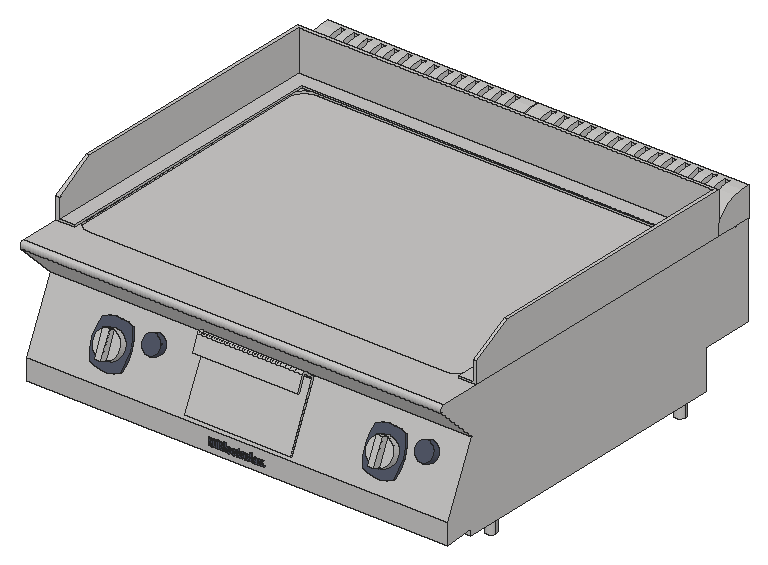
Revit family "QF_ELECTROLUXPROFESSIONAL_Professional_371335_E7IIMAAOMEA", category Specialty Equipment, Revit 2018 (continued)
Automatic sketch dimensions
  Extrusion 19 sketch curve to Extrusion 19 sketch curve = 0.613 mm
  Extrusion 19 sketch curve to Extrusion 19 sketch curve = 0.361 mm
  Extrusion 19 sketch curve to Extrusion 19 sketch curve = 0.897 mm
  Extrusion 19 sketch curve to Extrusion 19 sketch curve = 0.167 mm
  Extrusion 19 sketch curve to Extrusion 19 sketch curve = 0.292 mm
  Extrusion 19 sketch curve to Extrusion 19 sketch curve = 0.305 mm
  Extrusion 19 sketch curve to Extrusion 19 sketch curve = 1.557 mm
  Extrusion 19 sketch curve to Extrusion 19 sketch curve = 2.499 mm
  Extrusion 19 sketch curve to Extrusion 19 sketch curve = 3.062 mm
  Extrusion 19 sketch curve to Extrusion 19 sketch curve = 2.968 mm
  Extrusion 19 sketch curve to Extrusion 19 sketch curve = 5.044 mm
  Extrusion 19 sketch curve to Extrusion 19 sketch curve = 0.629 mm  (x2)
  Extrusion 19 sketch curve to Extrusion 19 sketch curve = 1.131 mm
  Extrusion 19 sketch curve to Extrusion 19 sketch curve = 0.137 mm
  Extrusion 19 sketch curve to Extrusion 19 sketch curve = 0.027 mm
  Extrusion 19 sketch curve to Extrusion 19 sketch curve = 2.235 mm
  Extrusion 10 sketch curve to Extrusion 10 sketch curve = 0 mm  (x2)
  plane 5 "FRONT" to Extrusion 10 sketch curve = 52.387 mm
  Extrusion 10 sketch curve to Extrusion 10 sketch curve = 2.884 mm  (x3)
  plane 5 "FRONT" to Extrusion 10 sketch curve = 34.985 mm
  plane 5 "FRONT" to Extrusion 10 sketch curve = 22.323 mm
  Extrusion 10 sketch curve to Extrusion 10 sketch curve = 0.82 mm
  Extrusion 10 sketch curve to Extrusion 10 sketch curve = 1.711 mm
  Extrusion 10 sketch curve to Extrusion 10 sketch curve = 1.332 mm
  plane 5 "FRONT" to Extrusion 10 sketch curve = 1.554 mm
  Extrusion 10 sketch curve to plane 5 "FRONT" = 19.661 mm
  Extrusion 10 sketch curve to plane 5 "FRONT" = 51.436 mm
  Extrusion 10 sketch curve to Extrusion 10 sketch curve = 0.891 mm
  Extrusion 10 sketch curve to Extrusion 10 sketch curve = 2.686 mm
  Extrusion 10 sketch curve to Extrusion 10 sketch curve = 16.406 mm
  plane 9 "BASE" to Extrusion 10 sketch curve = 52.105 mm
  Extrusion 10 sketch curve to Extrusion 10 sketch curve = 1.327 mm  (x2)
  Extrusion 10 sketch curve to Extrusion 10 sketch curve = 13.211 mm
  Extrusion 10 sketch curve to Extrusion 10 sketch curve = 0.681 mm
  Extrusion 10 sketch curve to Extrusion 10 sketch curve = 0.787 mm
  Extrusion 10 sketch curve to Extrusion 10 sketch curve = 4.979 mm
  plane 3 "LEFT" to curve 15 = 64.136 mm
  curve 13 to curve 7 = 35.035 mm
  plane 1 "BACK" to curve 84 = 0 mm
  curve 84 to plane 7 "Center Y" = 0 mm
  curve 70 to plane 7 "Center Y" = 106.168 mm
  plane 1 "BACK" to curve 68 = 6.761 mm
  curve 69 to curve 70 = 9.296 mm
  plane 1 "BACK" to curve 64 = 6.761 mm
  curve 64 to curve 68 = 16.193 mm
  curve 66 to curve 66 = 9.296 mm
  curve 62 to curve 65 = 16.193 mm
  curve 61 to curve 60 = 9.296 mm
  plane 1 "BACK" to curve 56 = 6.761 mm
  curve 56 to curve 60 = 16.193 mm
  curve 56 to curve 56 = 9.296 mm
  curve 55 to curve 57 = 16.193 mm
  curve 53 to curve 52 = 9.296 mm
  curve 51 to curve 52 = 16.193 mm
  curve 50 to curve 50 = 9.296 mm
  plane 1 "BACK" to curve 44 = 6.761 mm
  curve 44 to curve 48 = 16.193 mm
  curve 45 to curve 46 = 9.296 mm
  curve 42 to curve 45 = 16.193 mm
  curve 42 to curve 42 = 9.296 mm
  plane 1 "BACK" to curve 36 = 6.761 mm
  curve 38 to curve 41 = 16.193 mm
  curve 37 to curve 38 = 9.296 mm
  plane 1 "BACK" to curve 35 = 6.761 mm
  curve 35 to curve 36 = 16.193 mm
  curve 34 to curve 34 = 9.296 mm
  plane 1 "BACK" to curve 28 = 6.761 mm
  curve 28 to curve 32 = 16.193 mm
  curve 28 to curve 28 = 9.296 mm
  curve 70 to curve 74 = 16.193 mm
  curve 72 to curve 75 = 9.296 mm
  plane 1 "BACK" to curve 76 = 6.761 mm
  curve 74 to curve 78 = 16.193 mm
  curve 77 to curve 79 = 9.296 mm
  curve 78 to curve 81 = 16.193 mm
  curve 80 to curve 83 = 9.296 mm
  plane 1 "BACK" to curve 137 = 6.761 mm
  plane 7 "Center Y" to curve 137 = 29.703 mm
  curve 137 to curve 137 = 9.296 mm
  curve 138 to curve 135 = 16.193 mm
  curve 133 to curve 133 = 9.296 mm
  plane 1 "BACK" to curve 129 = 6.761 mm
  curve 133 to curve 129 = 16.193 mm
  curve 129 to curve 129 = 9.296 mm
  curve 130 to curve 128 = 16.193 mm
  curve 125 to curve 126 = 9.296 mm
  curve 126 to curve 124 = 16.193 mm
  curve 121 to curve 122 = 9.296 mm
  curve 122 to curve 119 = 16.193 mm
  curve 117 to curve 118 = 9.296 mm
  curve 118 to curve 115 = 16.193 mm
  plane 1 "BACK" to curve 113 = 6.761 mm
  curve 113 to curve 114 = 9.296 mm
  plane 1 "BACK" to curve 109 = 6.761 mm
  curve 114 to curve 111 = 16.193 mm
  curve 109 to curve 110 = 9.296 mm
  curve 110 to curve 108 = 16.193 mm
  curve 105 to curve 106 = 9.296 mm
  curve 106 to curve 103 = 16.193 mm
  curve 101 to curve 102 = 9.296 mm
  plane 1 "BACK" to curve 97 = 6.761 mm
  curve 101 to curve 97 = 16.193 mm
  curve 97 to curve 98 = 9.296 mm
  plane 1 "BACK" to curve 96 = 6.761 mm
  curve 97 to curve 96 = 16.193 mm
  curve 95 to curve 94 = 9.296 mm
  plane 1 "BACK" to curve 92 = 6.761 mm
  curve 93 to curve 92 = 16.193 mm
  curve 89 to curve 90 = 9.296 mm
  curve 90 to curve 88 = 16.193 mm
  curve 87 to curve 87 = 9.296 mm
  curve 84 to curve 137 = 63.089 mm
  curve 84 to curve 139 = 5.939 mm
  curve 29 to curve 28 = 57.15 mm
  curve 138 to curve 136 = 0 mm
  curve 30 to curve 33 = 0 mm
  curve 134 to curve 132 = 0 mm
  curve 34 to curve 37 = 0 mm
  curve 130 to curve 128 = 0 mm
  curve 38 to curve 41 = 0 mm
  curve 126 to curve 124 = 0 mm
  curve 42 to curve 45 = 0 mm
  curve 122 to curve 120 = 0 mm
  curve 46 to curve 49 = 0 mm
  curve 118 to curve 116 = 0 mm
  curve 50 to curve 53 = 0 mm
  curve 114 to curve 112 = 0 mm
  curve 54 to curve 57 = 0 mm
  curve 110 to curve 108 = 0 mm
  curve 58 to curve 61 = 0 mm
  curve 106 to curve 104 = 0 mm
  curve 62 to curve 65 = 0 mm
  curve 102 to curve 100 = 0 mm
  curve 66 to curve 69 = 0 mm
  curve 98 to curve 96 = 0 mm
  curve 70 to curve 73 = 0 mm
  curve 94 to curve 92 = 0 mm
  curve 74 to curve 77 = 0 mm
  curve 90 to curve 88 = 0 mm
  curve 78 to curve 81 = 0 mm
  plane 1 "BACK" to curve 55 = 6.761 mm
  plane 1 "BACK" to curve 85 = 6.761 mm
  plane 1 "BACK" to curve 81 = 6.761 mm
  plane 1 "BACK" to curve 75 = 6.761 mm
  plane 1 "BACK" to curve 101 = 6.761 mm
  plane 1 "BACK" to curve 105 = 6.761 mm
  plane 1 "BACK" to curve 61 = 6.761 mm
  plane 1 "BACK" to curve 117 = 6.761 mm
  plane 1 "BACK" to curve 49 = 6.761 mm
  plane 1 "BACK" to curve 121 = 6.761 mm
  plane 1 "BACK" to curve 125 = 6.761 mm
  plane 1 "BACK" to curve 41 = 6.761 mm
  plane 1 "BACK" to curve 133 = 6.761 mm
  plane 1 "BACK" to curve 25 = 0 mm
  curve 25 to plane 4 "RIGHT" = 0 mm
  curve 26 to plane 4 "RIGHT" = 0 mm
  plane 1 "BACK" to curve 27 = 0 mm
  curve 27 to plane 4 "RIGHT" = 0 mm
  curve 27 to plane 3 "LEFT" = 0 mm
  curve 26 to plane 3 "LEFT" = 0 mm
  curve 25 to plane 3 "LEFT" = 0 mm
  curve 25 to curve 26 = 69.85 mm
  Extrusion 20 sketch curve to plane 10 "TOP A" = 0 mm
  Extrusion 20 sketch curve to plane 1 "BACK" = 0 mm
  plane 1 "BACK" to Extrusion 20 sketch curve = 4.947 mm
  plane 6 "TOP" to Extrusion 20 sketch curve = 11.113 mm
  plane 1 "BACK" to Extrusion 20 sketch curve = 69.85 mm
  Extrusion 20 sketch curve to plane 10 "TOP A" = 24.807 mm
  plane 1 "BACK" to Extrusion 21 sketch curve = 6.761 mm  (x14)
  Extrusion 21 sketch curve to Extrusion 21 sketch curve = 57.15 mm
  Extrusion 21 sketch curve to Extrusion 21 sketch curve = 0 mm  (x13)
  plane 3 "LEFT" to Extrusion 21 sketch curve = 29.703 mm
  Extrusion 21 sketch curve to Extrusion 21 sketch curve = 9.296 mm  (x14)
  Extrusion 21 sketch curve to Extrusion 21 sketch curve = 16.193 mm  (x13)
  Extrusion 22 sketch curve to plane 10 "TOP A" = 0 mm
  Extrusion 22 sketch curve to plane 1 "BACK" = 0 mm
  plane 1 "BACK" to Extrusion 22 sketch curve = 4.947 mm
  plane 6 "TOP" to Extrusion 22 sketch curve = 11.113 mm
  plane 1 "BACK" to Extrusion 22 sketch curve = 69.85 mm
  Extrusion 22 sketch curve to plane 10 "TOP A" = 24.807 mm
  plane 1 "BACK" to Extrusion 23 sketch curve = 6.761 mm  (x14)
  Extrusion 23 sketch curve to Extrusion 23 sketch curve = 57.15 mm
  Extrusion 23 sketch curve to Extrusion 23 sketch curve = 0 mm  (x13)
  plane 7 "Center Y" to Extrusion 23 sketch curve = 29.703 mm
  Extrusion 23 sketch curve to Extrusion 23 sketch curve = 9.296 mm  (x14)
  Extrusion 23 sketch curve to Extrusion 23 sketch curve = 16.193 mm  (x13)
  radius of Extrusion 3 sketch curve = 9.525 mm  (x4)
  radius of Extrusion 4 sketch curve = 6.35 mm
  radius of Extrusion 12 sketch curve = 25.4 mm
  radius of Extrusion 13 sketch curve to Extrusion 12 = 0 mm  (x2)
  radius of Extrusion 15 sketch curve = 25.4 mm
  radius of Extrusion 16 sketch curve to Extrusion 15 = 0 mm  (x2)
  radius of Extrusion 17 sketch curve = 17.78 mm
  radius of Extrusion 18 sketch curve = 17.78 mm
Connectors
  piping at (749.3, -98.425, 57.718), diameter 12.8
    settings: on Extrusion 4, index 1, connector inside diameter 0.50394", connector length 0 mm, flow factor 0, pipe flow 0 GPM, pressure drop 0.00 psi, fitting loss kfactor 0, connector angle 0.00°, fixture units 0, engagement length 0 mm, angle of deflection 0.00°, flow configuration 1, flow direction 1, fitting loss method 0, system type 7, joint type 0, gender type 0, connector reference index -1, connector utility 0, adjustable connector no, is connector primary yes, connector description "Gas Connection"
